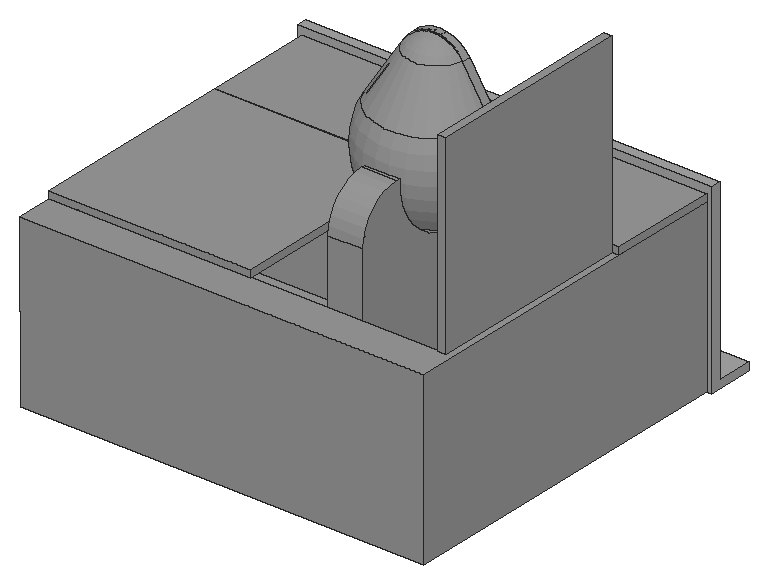
Revit family "Modular_Patient_Care_Unit-Willoughby-Patient_Care_Unit-WH-1750-R-SWO", category Plumbing Fixtures, Revit 2015
Parameters (values of type "Standard")
  Waste RAD [instance] = Waste DIA / 2  # 1 1/4"
  Waste DIA [instance] = 2 1/2"
  Waste Connection = yes
  Vent Connection = no
  URL = "https://www.willoughby-ind.com/wp-content/uploads/2018/01/WH-1750.pdf"
  Type Comments = ""
  Stainless Steel = Stainless Steel AISI 304-Willoughby
  Solid Polymer Finish = Polyethylene, High Density
  Revision = "A"
  Model = "WH-1750-R-SWO"
  Manufacturer = "Willoughby Industries"
  Lav Inlets RAD [instance] = Lav Inlets DIA / 2  # 1/4"
  Lav Inlets DIA [instance] = 1/2"
  Lav Drain DIA [instance] = 1"
  Lav DR-RAD [instance] = Lav Drain DIA / 2  # 1/2"
  HW Connection = yes
  Flush inlet RAD [instance] = Flush inlet DIA / 2  # 1/2"
  Flush inlet DIA [instance] = 1"
  Dialysis Drain DIA [instance] = 1 1/2"
  Dialysis Box Inlets DIA [instance] = 1/2"
  Description = "Patient Care Unit"
  Default Elevation = 0' - 0"
  DB-RAD [instance] = Dialysis Box Inlets DIA / 2  # 1/4"
  D-Drain RAD [instance] = Dialysis Drain DIA / 2  # 3/4"
  Contact Number = "(800) 428-4065"
  CW Connection = yes
  Bed Pan Inlet RAD [instance] = Bed Pan Inlet DIA / 2  # 1/4"
  Bed Pan Inlet DIA [instance] = 1/2"
  Aquasurf Solid Surface = Solid Surface Acrylic Resin-Willoughby
Reference planes (in)
  plane 1 "Base": y = -16.25
  plane 2: z = 0
  plane 3 "Center": x = 18.31072
  plane 4: y = 22.75
  plane 5: z = 36.625
  plane 6: y = 0.75
  plane 7 "Waste": y = -11
  plane 8 "D-HGT": y = 17.5
  plane 9 "Center Line": x = 9.62322
  plane 10 "D-Hot": x = 12.12322
  plane 11 "D-Cold": x = 16.12322
  plane 12 "Flush Inlet": y = 10.25
  plane 13 "D-Drain HT": y = 4.875
  plane 14 "D-Drain OFF": x = 21.87322
  plane 15 "Bed Pan Inlet": y = 10.8125
  plane 16: x = -7.25178
  plane 17: y = 9.25
  plane 18: x = -6.06428
  plane 19: x = -3.18928
  plane 20: y = 7
  plane 21: x = 0.31072
  plane 22: x = 9.56072
Forms (in)
  Extrusion 1, solid, material "Stainless Steel AISI 304-Willoughby" <- "Stainless Steel", detail levels fine
    sketch origin (16.08109, 9.45936, 3.7328) x (-1, 0, 0) y (0, 0, -1)
      loop
        line (1.29775, -16.80087) -> (1.29775, 0.9078) -> (-5.72963, 0.9078) -> (-5.72963, -16.81676)
        arc (-5.72963, -16.81676) -> (-8.98136, -21.11843) -> (-8.21015, -26.45542) r 7
        line (-8.21015, -26.45542) -> (-5.16818, -31.31054)
        arc (-5.16818, -31.31054) -> (-2.20225, -32.95225) -> (0.76368, -31.31054) r 3.5
        line (0.76368, -31.31054) -> (3.80565, -26.45542)
        arc (3.80565, -26.45542) -> (4.5729, -21.10311) -> (1.29775, -16.80087) r 7
      loop
        arc (2.03989, -24.70557) -> (-2.20225, -18.23804) -> (-6.44438, -24.70557) r 4.625
        line (-6.44438, -24.70557) -> (-4.04125, -30.23842)
        arc (-4.04125, -30.23842) -> (-2.20225, -31.45225) -> (-0.36324, -30.23842) r 2
        line (-0.36324, -30.23842) -> (2.03989, -24.70557)
    from 8.70936 to 9.5
  Revolve 2, solid, material "Stainless Steel AISI 304-Willoughby" <- "Stainless Steel", detail levels fine
    sketch origin (19.32578, 0.45936, 6.96599) x (-1, 0, 0) y (0, 0, -1)
      loop
        line (1.06174, -12.59906) -> (1.06174, -12.84906)
        arc (1.06174, -12.84906) -> (6.96784, -16.33096) -> (6.78077, -23.18447) r 6.75
        line (6.78077, -23.18447) -> (3.81535, -27.91457)
        arc (3.81535, -27.91457) -> (2.63527, -29.03194) -> (1.06174, -29.43826) r 3.25
        line (1.06174, -29.43826) -> (1.06174, -29.68826)
        arc (1.06174, -29.68826) -> (2.75672, -29.25045) -> (4.02767, -28.04656) r 3.5
        line (4.02767, -28.04656) -> (7.06964, -23.19143)
        arc (7.06964, -23.19143) -> (7.15052, -16.14555) -> (1.06174, -12.59906) r 7
      axis (1.06174, -12.59906) -> (1.06174, -29.68826)
    angle from 0 to -180
  Extrusion 3, solid, material "Stainless Steel AISI 304-Willoughby" <- "Stainless Steel", detail levels fine
    sketch origin (19.53334, -1.02032, 5.9242) x (0, 1, 0) y (0, 0, 1)
      loop
        line (-5.48285, -3.0992) -> (0.97968, -3.0992) -> (0.97968, 13.76202)
        arc (0.97968, 13.76202) -> (-3.33475, 15.6078) -> (-5.48285, 19.77995) r 6.92744
        line (-5.48285, 19.77995) -> (-5.48285, -3.0992)
    from 0.52738 to -2.97262
  Extrusion 4, solid, material "Stainless Steel AISI 304-Willoughby" <- "Stainless Steel", detail levels fine
    sketch origin (17.03334, 29.33792, 6.56919) x (0, 1, 0) y (0, 0, 1)
      loop
        line (-35.84109, -3.74419) -> (-35.84109, 20.30581) -> (-36.18717, 20.30581)
        arc (-36.18717, 20.30581) -> (-39.21058, 19.05347) -> (-40.46292, 16.03006) r 4.27575
        line (-40.46292, 16.03006) -> (-40.46292, -3.74419) -> (-35.84109, -3.74419)
    from -0.47262 to 3.02738
  Extrusion 5, solid, material "Solid Surface Acrylic Resin-Willoughby" <- "Aquasurf Solid Surface"
    sketch origin (0, -16.25, 0) x (1, 0, 0) y (0, 0, 1)
      loop
        line (30.81072, 0.825) -> (-10.81428, 0.825) -> (-10.81428, 0) -> (30.81072, 0) -> (30.81072, 0.825)
    from -40.125 to -35.5
  Extrusion 6, solid, material "Solid Surface Acrylic Resin-Willoughby" <- "Aquasurf Solid Surface"
    sketch origin (-2.125, -16.25, 0) x (1, 0, 0) y (0, 0, 1)
      loop
        line (32.93572, 0) -> (32.93572, 18.625) -> (-8.68928, 18.625) -> (-8.68928, 0) -> (32.93572, 0)
    from -36.5 to -35.5
  Extrusion 7, solid, material "Stainless Steel AISI 304-Willoughby" <- "Stainless Steel"
    sketch origin (0, -16.25, 0) x (1, 0, 0) y (0, 0, 1)
      loop
        line (30.31072, 0) -> (30.31072, 17.125) -> (-10.31428, 17.125) -> (-10.31428, 0) -> (30.31072, 0)
    from -35.5 to 0
  Extrusion 8, void, detail levels fine
    sketch origin (0, -16.25, 0) x (1, 0, 0) y (0, 0, 1)
      loop
        line (29.56072, 17.375) -> (-7.43928, 17.375) -> (-7.43928, 2.825) -> (29.56072, 2.825) -> (29.56072, 17.375)
    from -3.625 to -24.5
  Extrusion 9, solid, material "Polyethylene, High Density" <- "Solid Polymer Finish"
    sketch origin (0, -16.25, 0) x (1, 0, 0) y (0, 0, 1)
      loop
        line (9.99822, 17.125) -> (9.99822, 17.875) -> (-10.31428, 17.875) -> (-10.31428, 17.125) -> (9.99822, 17.125)
    from -3.625 to -24.5
  Extrusion 10, solid, material "Polyethylene, High Density" <- "Solid Polymer Finish", detail levels medium+fine
    sketch origin (0, 4.625, 0) x (1, 0, 0) y (0, 0, 1)
      loop
        line (3.4046, 17.125) -> (3.4046, 17.875) -> (-10.31428, 17.875) -> (-10.31428, 17.125) -> (3.4046, 17.125)
    from -3.625 to -14.625
  Extrusion 11, solid, material "Polyethylene, High Density" <- "Solid Polymer Finish"
    sketch origin (26.90612, 4.625, 0) x (1, 0, 0) y (0, 0, 1)
      loop
        line (3.4046, 17.125) -> (3.4046, 17.875) -> (-10.31428, 17.875) -> (-10.31428, 17.125) -> (3.4046, 17.125)
    from -3.625 to -14.625
  Extrusion 12, solid, material "Polyethylene, High Density" <- "Solid Polymer Finish"
    sketch origin (13.18725, 4.625, 0) x (1, 0, 0) y (0, 0, 1)
      loop
        line (3.4046, 17.125) -> (3.4046, 17.875) -> (-9.78265, 17.875) -> (-9.78265, 17.125) -> (3.4046, 17.125)
    from -3.625 to -14.625
  Extrusion 13, solid, material "Polyethylene, High Density" <- "Solid Polymer Finish", detail levels fine
    sketch origin (12.68572, -16.25, 26.12322) x (0, 0, -1) y (1, 0, 0)
      loop
        line (9.99822, 16.125) -> (9.99822, 16.875) -> (-10.50178, 16.875) -> (-10.50178, 16.125) -> (9.99822, 16.125)
    from -3.625 to -24.5
  Extrusion 14, void, detail levels fine
    sketch origin (0, 19.75, 0) x (1, 0, 0) y (0, 0, 1)
      loop
        line (5.56072, 14.67585) -> (-4.68928, 14.67585)
        arc (-4.68928, 14.67585) -> (-6.10349, 14.09007) -> (-6.68928, 12.67585) r 2
        line (-6.68928, 12.67585) -> (-6.68928, 5.30085)
        arc (-6.68928, 5.30085) -> (-6.10349, 3.88664) -> (-4.68928, 3.30085) r 2
        line (-4.68928, 3.30085) -> (5.56072, 3.30085)
        arc (5.56072, 3.30085) -> (6.97493, 3.88664) -> (7.56072, 5.30085) r 2
        line (7.56072, 5.30085) -> (7.56072, 12.67585)
        arc (7.56072, 12.67585) -> (6.97493, 14.09007) -> (5.56072, 14.67585) r 2
    from -0.5 to 8
  Extrusion 15, solid, detail levels fine
    sketch origin (0, 0, 0) x (1, 0, 0) y (0, 1, 0)
      loop
        circle (18.31072, -11) r 1.25
    from 0 to 2.825
  Extrusion 16, solid, detail levels fine
    sketch origin (-1.20803, 1.46689, 0) x (1, 0, 0) y (0, 1, 0)
      loop
        circle (13.33124, 16.03311) r 0.25
    from 0 to 0.486
  Extrusion 17, solid, detail levels fine
    sketch origin (3.22341, 1.29431, 0) x (1, 0, 0) y (0, 1, 0)
      loop
        circle (12.89981, 16.20569) r 0.25
    from 0 to 0.486
  Extrusion 18, solid, detail levels fine
    sketch origin (-0.0625, 0, 0) x (1, 0, 0) y (0, 1, 0)
      loop
        circle (9.62322, 10.25) r 0.5
    from 0 to 1
  Extrusion 19, solid, detail levels fine
    sketch origin (-0.375, 0, 0) x (1, 0, 0) y (0, 1, 0)
      loop
        circle (22.24822, 4.875) r 0.75
    from 0 to 1
  Extrusion 20, solid, detail levels fine
    sketch origin (0, 0, 0) x (1, 0, 0) y (0, 1, 0)
      loop
        circle (-7.25178, 10.8125) r 0.25
    from 0 to 1
  Extrusion 21, solid, detail levels fine
    sketch origin (-0.375, 0, 0) x (1, 0, 0) y (0, 1, 0)
      loop
        circle (-5.68928, 9.25) r 0.25
    from 0 to 1
  Extrusion 22, solid, detail levels fine
    sketch origin (-0.375, 0, 0) x (1, 0, 0) y (0, 1, 0)
      loop
        circle (-2.81428, 9.25) r 0.25
    from 0 to 1
  Extrusion 23, solid, detail levels fine
    sketch origin (0, 0, 0) x (1, 0, 0) y (0, 1, 0)
      loop
        circle (0.31072, 7) r 0.5
    from 0 to 1
Cuts and joins
  joined: Extrusion 3, Extrusion 4
  Extrusion 8, Extrusion 14 cuts Extrusion 7
  Extrusion 14 cuts Extrusion 6
  joined: Extrusion 5, Extrusion 6
Lines and regions (in)
  symbolic lines
    curve 1: line (-10.31428, 19.25, 0) -> (30.31072, 19.25, 0)
    curve 2: line (30.31072, 19.25, 0) -> (30.31072, -16.25, 0)
    curve 3: line (-10.31428, -16.25, 0) -> (-10.31428, 19.25, 0)
    curve 4: line (-10.31428, -16.25, 0) -> (30.31072, -16.25, 0)
    curve 13: line (-10.31428, 19.25, 0) -> (-10.81428, 19.25, 0)
    curve 14: line (-10.81428, 19.25, 0) -> (-10.81428, 23.875, 0)
    curve 15: line (-10.81428, 23.875, 0) -> (30.81072, 23.875, 0)
    curve 16: line (30.81072, 23.875, 0) -> (30.81072, 19.25, 0)
    curve 17: line (30.81072, 19.25, 0) -> (30.31072, 19.25, 0)
    curve 27: line (18.31072, -16.25, 0) -> (18.31072, 19.25, 0)
    curve 28: line (18.31072, 19.25, 0) -> (18.31072, 19.25, 17.125)
    curve 29: line (18.31072, 19.25, 17.125) -> (18.31072, -16.25, 17.125)
    curve 30: line (18.31072, 19.25, 17.125) -> (18.31072, 19.25, 18.625)
    curve 31: line (18.31072, 19.25, 18.625) -> (18.31072, 20.25, 18.625)
    curve 32: line (18.31072, 20.25, 18.625) -> (18.31072, 20.25, 0.825)
    curve 33: line (18.31072, 20.25, 0.825) -> (18.31072, 23.875, 0.825)
    curve 34: line (18.31072, 23.875, 0.825) -> (18.31072, 23.875, 0)
    curve 35: line (18.31072, 23.875, 0) -> (18.31072, 19.25, 0)
    curve 55: line (30.81072, -16.25, 0) -> (30.81072, -16.25, 18.625)
    curve 56: line (30.81072, -16.25, 18.625) -> (-10.81428, -16.25, 18.625)
    curve 57: line (-10.81428, -16.25, 18.625) -> (-10.81428, -16.25, 0)
    curve 58: line (-10.81428, -16.25, 0) -> (30.81072, -16.25, 0)
  symbolic lines, detail levels medium+fine
    curve 5: line (-10.31428, -12.625, 0) -> (29.56072, -12.625, 0)
    curve 6: line (-10.31428, 8.25, 0) -> (30.31072, 8.25, 0)
    curve 7: line (-10.81428, 20.25, 0) -> (30.81072, 20.25, 0)
    curve 8: line (29.56072, 8.25, 0) -> (29.56072, -12.625, 0)
    curve 9: line (28.81072, 8.25, 0) -> (28.81072, -12.625, 0)
    curve 10: line (9.99822, 8.25, 0) -> (9.99822, -12.625, 0)
    curve 11: line (3.4046, 19.25, 0) -> (3.4046, 8.25, 0)
    curve 12: line (16.59184, 19.25, 0) -> (16.59184, 8.25, 0)
    curve 36: line (18.31072, 19.25, 17.875) -> (18.31072, 8.25, 17.875)
    curve 37: line (18.31072, 8.25, 17.125) -> (18.31072, 8.25, 17.875)
    curve 38: line (18.31072, 8.25, 17.875) -> (18.31072, 8.25, 36.625)
    curve 39: line (18.31072, 8.25, 36.625) -> (18.31072, -12.625, 36.625)
    curve 40: line (18.31072, -12.625, 36.625) -> (18.31072, -12.625, 17.875)
    curve 41: line (18.31072, -12.625, 17.125) -> (18.31072, -12.625, 17.875)
    curve 54: line (18.31072, 8.25, 17.875) -> (18.31072, -12.625, 17.875)
    curve 59: line (30.81072, -16.25, 0.825) -> (-10.81428, -16.25, 0.825)
    curve 60: line (29.56072, -16.25, 18.625) -> (29.56072, -16.25, 36.625)
    curve 61: line (29.56072, -16.25, 36.625) -> (28.81072, -16.25, 36.625)
    curve 62: line (28.81072, -16.25, 36.625) -> (28.81072, -16.25, 18.625)
    curve 63: line (14.78334, -16.25, 20.53367) -> (14.78334, -16.25, 18.625)
    curve 64: line (21.81072, -16.25, 20.54956) -> (21.81072, -16.25, 18.625)
    curve 65: line (12.25614, -16.25, 30.15742) -> (15.31741, -16.25, 35.04335)
    curve 66: line (24.31054, -16.25, 30.15742) -> (21.24927, -16.25, 35.04335)
    curve 73: arc (21.24927, -16.25, 35.04335) -> (18.28334, -16.25, 36.68505) -> (15.31741, -16.25, 35.04335) r 3.5
    curve 75: arc (12.25614, -16.25, 30.15742) -> (18.28334, -16.25, 19.56238) -> (24.31054, -16.25, 30.15742) r 7.01187
  symbolic lines, detail levels fine
    curve 18: line (11.28334, 0.75, 0) -> (25.28334, 0.75, 0)
    curve 19: line (25.28334, 0.75, 0) -> (25.28334, -0.04064, 0)
    curve 20: line (11.28334, 0.75, 0) -> (11.28334, -0.04064, 0)
    curve 21: line (11.28334, -0.04064, 0) -> (25.28334, -0.04064, 0)
    curve 22: arc (25.28334, -0.04064, 0) -> (23.05911, -4.62028, 0) -> (18.33548, -6.51963, 0) r 7.07269
    curve 23: arc (18.33548, -6.51963, 0) -> (13.52078, -4.68276, 0) -> (11.28334, -0.04064, 0) r 6.97099
    curve 24: line (20.06072, -11.125, 0) -> (16.56072, -11.125, 0)
    curve 25: line (16.56072, -11.125, 0) -> (16.56072, -6.31578, 0)
    curve 26: line (20.06072, -11.125, 0) -> (20.06072, -6.28078, 0)
    curve 42: line (18.31072, 0.75, 17.875) -> (18.31072, 0.75, 36.68505)
    curve 43: line (18.31072, 0.75, 36.68505) -> (18.31072, -0.04064, 36.68505)
    curve 44: line (18.31072, -0.04064, 36.68505) -> (18.31072, -0.04064, 17.875)
    curve 45: arc (18.31072, -0.04064, 36.625) -> (18.31072, -1.35851, 36.14859) -> (18.31072, -2.39785, 35.20865) r 3.6314
    curve 46: line (18.31072, -2.39785, 35.20865) -> (18.31072, -5.54854, 30.15742)
    curve 47: arc (18.31072, -5.54854, 30.15742) -> (18.31072, -6.26571, 28.58206) -> (18.31072, -6.55208, 26.875) r 6.65092
    curve 48: line (18.31072, -6.55208, 26.875) -> (18.31072, -6.84925, 26.875)
    curve 49: line (18.31072, -6.50317, 26.875) -> (18.31072, -6.50317, 25.70414)
    curve 50: arc (18.31072, -6.50317, 25.70414) -> (18.31072, -4.35507, 21.53199) -> (18.31072, -0.04064, 19.68622) r 6.92744
    curve 51: arc (18.31072, -6.84925, 26.875) -> (18.31072, -9.87266, 25.62266) -> (18.31072, -11.125, 22.59925) r 4.27575
    curve 52: line (18.31072, -11.125, 22.59925) -> (18.31072, -11.125, 17.875)
    curve 53: line (18.31072, -6.50317, 26.875) -> (18.31072, -6.55208, 26.875)
    curve 67: line (16.44433, -16.25, 33.97122) -> (14.0412, -16.25, 28.43837)
    curve 68: line (20.12234, -16.25, 33.97122) -> (22.52547, -16.25, 28.43837)
    curve 69: line (5.56072, -16.25, 14.67585) -> (-4.68928, -16.25, 14.67585)
    curve 70: line (-6.68928, -16.25, 12.67585) -> (-6.68928, -16.25, 5.30085)
    curve 71: line (-4.68928, -16.25, 3.30085) -> (5.56072, -16.25, 3.30085)
    curve 72: line (7.56072, -16.25, 5.30085) -> (7.56072, -16.25, 12.67585)
    curve 74: arc (20.12234, -16.25, 33.97122) -> (18.28334, -16.25, 35.17745) -> (16.44433, -16.25, 33.97122) r 2.00498
    curve 76: arc (22.52547, -16.25, 28.43837) -> (18.28334, -16.25, 21.97085) -> (14.0412, -16.25, 28.43837) r 4.625
    curve 77: arc (7.56072, -16.25, 12.67585) -> (6.97493, -16.25, 14.09007) -> (5.56072, -16.25, 14.67585) r 2
    curve 78: arc (-4.68928, -16.25, 14.67585) -> (-6.10349, -16.25, 14.09007) -> (-6.68928, -16.25, 12.67585) r 2
    curve 79: arc (-6.68928, -16.25, 5.30085) -> (-6.10349, -16.25, 3.88664) -> (-4.68928, -16.25, 3.30085) r 2
    curve 80: arc (5.56072, -16.25, 3.30085) -> (6.97493, -16.25, 3.88664) -> (7.56072, -16.25, 5.30085) r 2
Dimensions and locks (in)
  locked: plane 1 "Base" to plane 7 "Waste" at 5.25
  cut or joined group of Extrusion 7, Extrusion 8, Extrusion 14 to plane 8 "D-HGT" = 2' - 9 3/4"
  locked: plane 9 "Center Line" to plane 10 "D-Hot" at 2.5
  locked: plane 9 "Center Line" to plane 11 "D-Cold" at 6.5
  locked: plane 1 "Base" to plane 12 "Flush Inlet" at 26.5
  locked: plane 1 "Base" to plane 13 "D-Drain HT" at 21.125
  locked: plane 15 "Bed Pan Inlet" to plane 1 "Base" at 27.0625
  locked: plane 16 to plane 9 "Center Line" at 16.875
  locked: plane 1 "Base" to plane 17 at 25.5
  locked: plane 21 to plane 9 "Center Line" at 9.3125
  locked: plane 1 "Base" to plane 20 at 23.25
  locked: plane 9 "Center Line" to plane 3 "Center" at 8.6875
  connector elem to plane 9 "Center Line" = 1' - 0 13/16"
  connector elem to plane 9 "Center Line" = 1' - 3 11/16"
  plane 9 "Center Line" to connector elem = 1' - 0 1/4"
  locked: connector elem to plane 9 "Center Line" at 0.0625
  locked: cut or joined group of Extrusion 5, Extrusion 6, Extrusion 14 to cut or joined group of Extrusion 5, Extrusion 6, Extrusion 14 at 41.625  (x2)
  locked: cut or joined group of Extrusion 5, Extrusion 6, Extrusion 14 to cut or joined group of Extrusion 5, Extrusion 6, Extrusion 14 at 18.625
  locked: cut or joined group of Extrusion 5, Extrusion 6, Extrusion 14 to plane 3 "Center" at 12.5  (x2)
  locked: cut or joined group of Extrusion 5, Extrusion 6, Extrusion 14 to cut or joined group of Extrusion 5, Extrusion 6, Extrusion 14 at 0.825
  locked: cut or joined group of Extrusion 5, Extrusion 6, Extrusion 14 to Extrusion 11 at 17.125
  locked: cut or joined group of Extrusion 7, Extrusion 8, Extrusion 14 to plane 3 "Center" at 12
  locked: cut or joined group of Extrusion 7, Extrusion 8, Extrusion 14 to cut or joined group of Extrusion 7, Extrusion 8, Extrusion 14 at 40.625
  locked: cut or joined group of Extrusion 5, Extrusion 6, Extrusion 14 to cut or joined group of Extrusion 5, Extrusion 6, Extrusion 14 at 11.375
  locked: cut or joined group of Extrusion 5, Extrusion 6, Extrusion 14 to cut or joined group of Extrusion 5, Extrusion 6, Extrusion 14 at 14.25
  locked: cut or joined group of Extrusion 5, Extrusion 6, Extrusion 14 to cut or joined group of Extrusion 5, Extrusion 6, Extrusion 14 at 4.125
  locked: Extrusion 13 sketch curve to Extrusion 11 at 1.75
  Extrusion 13 sketch curve to Extrusion 13 sketch curve = 1' - 8 1/2"
  locked: Extrusion 13 sketch curve to Extrusion 13 sketch curve at 0.75
  locked: Extrusion 10 to Extrusion 9 sketch curve at 20.3125
  locked: Extrusion 10 to Extrusion 10 at 0.75
  locked: level to Extrusion 1 sketch curve at 26.59585  (x2)
  level to Extrusion 1 sketch curve to Extrusion 1 sketch curve = 2' - 9.18505" locked, 0' - 0"
  locked: level to Extrusion 1 sketch curve at 36.68505
  locked: Extrusion 1 sketch curve to Extrusion 1 sketch curve at 3.52738
  locked: Extrusion 1 sketch curve to Extrusion 1 sketch curve at 7.02738
  locked: cut or joined group of Extrusion 3, Extrusion 4 to plane 1 "Base" at 5.125
  locked: Extrusion 4 sketch curve to level at 26.875
  locked: Extrusion 3 sketch curve to plane 1 "Base" at 9.74683
  locked: Extrusion 1 to Extrusion 3 sketch curve at 6.46253
  locked: cut or joined group of Extrusion 5, Extrusion 6, Extrusion 14 to Extrusion 13 at 18
  locked: Extrusion 13 to Extrusion 13 at 0.75
  locked: cut or joined group of Extrusion 5, Extrusion 6, Extrusion 14 to Extrusion 13 at 1.25
  locked: level to cut or joined group of Extrusion 5, Extrusion 6, Extrusion 14 at 18.625
  locked: Extrusion 1 to plane 3 "Center" at 3.5
  locked: cut or joined group of Extrusion 5, Extrusion 6, Extrusion 14 to cut or joined group of Extrusion 7, Extrusion 8, Extrusion 14 at 40.125
  locked: cut or joined group of Extrusion 5, Extrusion 6, Extrusion 14 to cut or joined group of Extrusion 5, Extrusion 6, Extrusion 14 at 3.625
  locked: cut or joined group of Extrusion 5, Extrusion 6, Extrusion 14 to cut or joined group of Extrusion 5, Extrusion 6, Extrusion 14 at 1
  locked: cut or joined group of Extrusion 5, Extrusion 6, Extrusion 14 to level at 0.825
  locked: cut or joined group of Extrusion 5, Extrusion 6, Extrusion 14 to level at 18.625
  locked: cut or joined group of Extrusion 7, Extrusion 8, Extrusion 14 to level at 17.125
  locked: Extrusion 13 to level at 36.625
  locked: Extrusion 1 to cut or joined group of Extrusion 7, Extrusion 8, Extrusion 14 at 17
  locked: Extrusion 1 to Extrusion 1 at 0.79064
  locked: Extrusion 13 to cut or joined group of Extrusion 7, Extrusion 8, Extrusion 14 at 3.625
  locked: Extrusion 13 to Extrusion 13 at 20.875
  locked: cut or joined group of Extrusion 3, Extrusion 4 to cut or joined group of Extrusion 7, Extrusion 8, Extrusion 14 at 5.125
  locked: cut or joined group of Extrusion 3, Extrusion 4 to level at 26.875
  radius of cut or joined group of Extrusion 5, Extrusion 6, Extrusion 14 = 0' - 2"  (x4)
  radius of Extrusion 1 sketch curve = 0' - 7"
  radius of Extrusion 1 sketch curve = 0' - 4 5/8"
  radius of Extrusion 1 sketch curve = 0' - 2"
  radius of Extrusion 1 sketch curve = 0' - 3 1/2"
  radius of cut or joined group of Extrusion 3, Extrusion 4 = 0' - 4.27575"  (x2)
  radius of cut or joined group of Extrusion 3, Extrusion 4 = 0' - 6.92744"  (x2)
  locked: Extrusion 1 sketch curve to Extrusion 1 sketch curve (angle 46.9544°)
  locked: Extrusion 1 sketch curve to Extrusion 1 sketch curve (angle 64.1382°)
  locked: Extrusion 1 to Extrusion 1 (angle 295.862°)
  locked: Extrusion 1 to Extrusion 1 (angle 313.046°)
  locked: Extrusion 1 to plane 3 "Center" (angle 147.931°)
  locked: Extrusion 1 to plane 3 "Center" (angle 156.523°)
  aligned and locked: plane 1 "Base" to Extrusion 7
  aligned and locked: plane 3 "Center" to Extrusion 15 sketch curve
  aligned and locked: plane 7 "Waste" to Extrusion 15 sketch curve
  aligned and locked: plane 8 "D-HGT" to Extrusion 16 sketch curve
  aligned and locked: plane 10 "D-Hot" to Extrusion 16 sketch curve
  aligned and locked: plane 8 "D-HGT" to Extrusion 17 sketch curve
  aligned and locked: plane 11 "D-Cold" to Extrusion 17 sketch curve
  aligned and locked: plane 12 "Flush Inlet" to Extrusion 18 sketch curve
  aligned: plane 9 "Center Line" to Extrusion 18 sketch curve
  aligned and locked: plane 13 "D-Drain HT" to Extrusion 19 sketch curve
  aligned: plane 14 "D-Drain OFF" to Extrusion 19 sketch curve
  aligned and locked: plane 15 "Bed Pan Inlet" to Extrusion 20 sketch curve
  aligned and locked: plane 16 to Extrusion 20 sketch curve
  aligned and locked: plane 17 to Extrusion 21 sketch curve
  aligned: plane 18 to Extrusion 21 sketch curve
  aligned and locked: plane 17 to Extrusion 22 sketch curve
  aligned: plane 19 to Extrusion 22 sketch curve
  aligned and locked: plane 20 to Extrusion 23 sketch curve
  aligned and locked: plane 21 to Extrusion 23 sketch curve
  aligned and locked: Extrusion 6 to Extrusion 5
  aligned and locked: cut or joined group of Extrusion 5, Extrusion 6, Extrusion 14 to Extrusion 14
  aligned and locked: Extrusion 7 to cut or joined group of Extrusion 5, Extrusion 6, Extrusion 14
  aligned and locked: Extrusion 10 to cut or joined group of Extrusion 7, Extrusion 8, Extrusion 14
  aligned and locked: Extrusion 12 to cut or joined group of Extrusion 7, Extrusion 8, Extrusion 14
  aligned and locked: Extrusion 11 to cut or joined group of Extrusion 7, Extrusion 8, Extrusion 14
  aligned and locked: Extrusion 10 to Extrusion 9
  aligned and locked: Extrusion 7 to Extrusion 9
  aligned and locked: cut or joined group of Extrusion 5, Extrusion 6, Extrusion 14 to cut or joined group of Extrusion 5, Extrusion 6, Extrusion 14  (x4)
  aligned and locked: Extrusion 13 to Extrusion 9
  aligned and locked: plane 1 "Base" to cut or joined group of Extrusion 7, Extrusion 8, Extrusion 14
  aligned and locked: cut or joined group of Extrusion 5, Extrusion 6, Extrusion 14 to cut or joined group of Extrusion 7, Extrusion 8, Extrusion 14  (x2)
  aligned and locked: cut or joined group of Extrusion 7, Extrusion 8, Extrusion 14 to cut or joined group of Extrusion 5, Extrusion 6, Extrusion 14
  aligned and locked: cut or joined group of Extrusion 5, Extrusion 6, Extrusion 14 to level  (x2)
  aligned and locked: connector elem to plane 21
  aligned: connector elem to plane 19
  aligned and locked: connector elem to plane 16
  aligned and locked: connector elem to plane 10 "D-Hot"
  aligned and locked: connector elem to plane 11 "D-Cold"
  aligned: connector elem to plane 14 "D-Drain OFF"
  aligned: connector elem to plane 9 "Center Line"
  aligned and locked: connector elem to plane 18
  aligned and locked: connector elem to plane 19
  aligned and locked: connector elem to plane 14 "D-Drain OFF"
  aligned and locked: connector elem to plane 22
  aligned and locked: plane 2 to Extrusion 6 sketch curve
  aligned and locked: Extrusion 5 sketch curve to level
  aligned and locked: cut or joined group of Extrusion 5, Extrusion 6, Extrusion 14 to Extrusion 7 sketch curve
  aligned and locked: Extrusion 7 sketch curve to Extrusion 10
  aligned and locked: Extrusion 13 sketch curve to plane 5
  aligned and locked: Extrusion 13 sketch curve to cut or joined group of Extrusion 7, Extrusion 8, Extrusion 14
  aligned and locked: Extrusion 9 sketch curve to Extrusion 10  (x2)
  aligned and locked: cut or joined group of Extrusion 7, Extrusion 8, Extrusion 14 to Extrusion 9 sketch curve
  aligned and locked: Extrusion 1 sketch curve to cut or joined group of Extrusion 7, Extrusion 8, Extrusion 14
  aligned and locked: Extrusion 4 sketch curve to cut or joined group of Extrusion 7, Extrusion 8, Extrusion 14
  aligned and locked: Extrusion 3 sketch curve to Extrusion 1
  aligned and locked: Extrusion 3 sketch curve to cut or joined group of Extrusion 7, Extrusion 8, Extrusion 14
  aligned and locked: Revolve 2 to Extrusion 1
  aligned and locked: cut or joined group of Extrusion 7, Extrusion 8, Extrusion 14 to level  (x2)
  aligned and locked: cut or joined group of Extrusion 3, Extrusion 4 to cut or joined group of Extrusion 3, Extrusion 4  (x2)
Connectors (in)
  piping at (18.31072, -11, 0), diameter 2.5, driven by "Waste RAD", driven by "Waste Connection"
    settings: on Extrusion 15, index 1, connector inside diameter 2 1/2", connector length 0' - 0", flow factor 0, pipe flow 0 GPM, pressure drop 0.00 psi, fitting loss kfactor 0, connector angle 0.00°, fixture units 0, engagement length 0' - 0", angle of deflection 0.00°, flow configuration 0, flow direction 2, fitting loss method 0, system type 16, joint type 0, gender type 0, connector reference index -1, connector utility 1, adjustable connector no, is connector primary yes, connector description "Waste Out"
  piping at (16.12322, 17.5, 0), diameter 0.5, driven by "DB-RAD", driven by "CW Connection"
    settings: on Extrusion 17, index 2, connector inside diameter 1/2", connector length 0' - 0", flow factor 0, pipe flow 0 GPM, pressure drop 0.00 psi, fitting loss kfactor 0, connector angle 0.00°, fixture units 0, engagement length 0' - 0", angle of deflection 0.00°, flow configuration 0, flow direction 1, fitting loss method 0, system type 20, joint type 0, gender type 0, connector reference index -1, connector utility 1, adjustable connector no, is connector primary no, connector description "Dialysis CW Inlet"
  piping at (12.12322, 17.5, 0), diameter 0.5, driven by "DB-RAD", driven by "HW Connection"
    settings: on Extrusion 16, index 3, connector inside diameter 1/2", connector length 0' - 0", flow factor 0, pipe flow 0 GPM, pressure drop 0.00 psi, fitting loss kfactor 0, connector angle 0.00°, fixture units 0, engagement length 0' - 0", angle of deflection 0.00°, flow configuration 0, flow direction 1, fitting loss method 0, system type 19, joint type 0, gender type 0, connector reference index -1, connector utility 1, adjustable connector no, is connector primary no, connector description "Dialysis HW Inlet"
  piping at (9.56072, 10.25, 0), diameter 1, driven by "Flush inlet RAD", driven by "CW Connection"
    settings: on Extrusion 18, index 4, connector inside diameter 1", connector length 0' - 0", flow factor 0, pipe flow 0 GPM, pressure drop 0.00 psi, fitting loss kfactor 0, connector angle 0.00°, fixture units 0, engagement length 0' - 0", angle of deflection 0.00°, flow configuration 0, flow direction 1, fitting loss method 0, system type 20, joint type 0, gender type 0, connector reference index -1, connector utility 1, adjustable connector no, is connector primary no, connector description "Flush Inlet"
  piping at (21.87322, 4.875, 0), diameter 1.5, driven by "D-Drain RAD", driven by "Waste Connection"
    settings: on Extrusion 19, index 5, connector inside diameter 1 1/2", connector length 0' - 0", flow factor 0, pipe flow 0 GPM, pressure drop 0.00 psi, fitting loss kfactor 0, connector angle 0.00°, fixture units 0, engagement length 0' - 0", angle of deflection 0.00°, flow configuration 0, flow direction 2, fitting loss method 0, system type 16, joint type 0, gender type 0, connector reference index -1, connector utility 1, adjustable connector no, is connector primary no, connector description "Dialysis Drain"
  piping at (-7.25178, 10.8125, 0), diameter 0.5, driven by "Bed Pan Inlet RAD", driven by "CW Connection"
    settings: on Extrusion 20, index 6, connector inside diameter 1/2", connector length 0' - 0", flow factor 0, pipe flow 0 GPM, pressure drop 0.00 psi, fitting loss kfactor 0, connector angle 0.00°, fixture units 0, engagement length 0' - 0", angle of deflection 0.00°, flow configuration 0, flow direction 1, fitting loss method 0, system type 20, joint type 0, gender type 0, connector reference index -1, connector utility 1, adjustable connector no, is connector primary no, connector description "Bed Pan Inlet"
  piping at (-6.06428, 9.25, 0), diameter 0.5, driven by "Lav Inlets RAD", driven by "HW Connection"
    settings: on Extrusion 21, index 7, connector inside diameter 1/2", connector length 0' - 0", flow factor 0, pipe flow 0 GPM, pressure drop 0.00 psi, fitting loss kfactor 0, connector angle 0.00°, fixture units 0, engagement length 0' - 0", angle of deflection 0.00°, flow configuration 0, flow direction 1, fitting loss method 0, system type 19, joint type 0, gender type 0, connector reference index -1, connector utility 1, adjustable connector no, is connector primary no, connector description "Lav HW Inlet"
  piping at (-3.18928, 9.25, 0), diameter 0.5, driven by "Lav Inlets RAD", driven by "CW Connection"
    settings: on Extrusion 22, index 8, connector inside diameter 1/2", connector length 0' - 0", flow factor 0, pipe flow 0 GPM, pressure drop 0.00 psi, fitting loss kfactor 0, connector angle 0.00°, fixture units 0, engagement length 0' - 0", angle of deflection 0.00°, flow configuration 0, flow direction 1, fitting loss method 0, system type 20, joint type 0, gender type 0, connector reference index -1, connector utility 1, adjustable connector no, is connector primary no, connector description "Lav CW Inlet"
  piping at (0.31072, 7, 0), diameter 1, driven by "Lav DR-RAD", driven by "Waste Connection"
    settings: on Extrusion 23, index 9, connector inside diameter 1", connector length 0' - 0", flow factor 0, pipe flow 0 GPM, pressure drop 0.00 psi, fitting loss kfactor 0, connector angle 0.00°, fixture units 0, engagement length 0' - 0", angle of deflection 0.00°, flow configuration 0, flow direction 2, fitting loss method 0, system type 16, joint type 0, gender type 0, connector reference index -1, connector utility 1, adjustable connector no, is connector primary no, connector description "Lav Drain"
